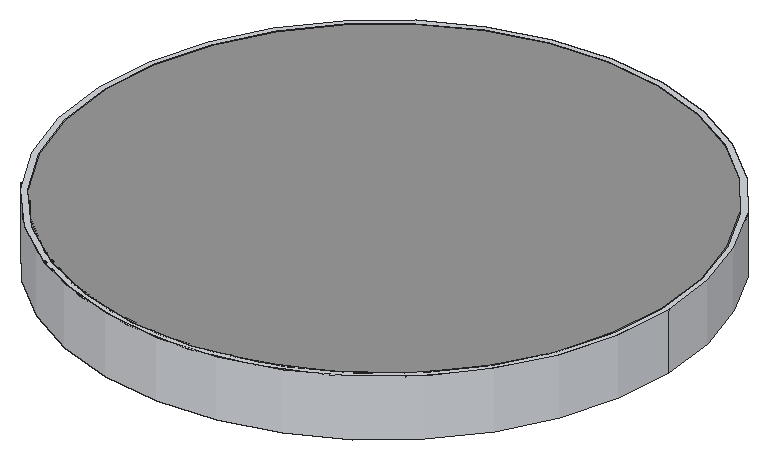
Revit family "2071166", category Lighting Fixtures, host Face, Revit 2018
Family settings
  Host = Face
  Round Connector Dimension = Use Diameter
  Part Type = Normal
  OmniClass Number = 23.80.70.00
  OmniClass Title = Lighting
  Cut with Voids When Loaded = No
  Light Source = Yes
  Shared = No
  Room Calculation Point = No
Parameters (values of type "2071166 COLOSSAL 600 830 OP DIR WHT SSC")
  iner diameter = 588 mm
  Weight = "n/a"
  Wattage Comments = ""
  Wattage = 30 W
  WarrantyStartDate [instance] = "n/a"
  WarrantyGuarantorParts = "n/a"
  WarrantyDurationUnit = "n/a"
  WarrantyDurationParts = ""
  WarrantyDescription = "http://www.sylvania-lighting.com"
  built-in parameter 1150110 = 1 (stored number, unit not read)
  Voltage = 230 V
  URL = "0.99"
  TypeName = "COLOSSAL 600mm 830 OPAL DIR WHITE SSC"
  Type Image = <None>
  Type Comments = "n/a"
  built-in parameter 1114217 = 1 (stored number, unit not read)
  Tilt Angle = -90.00°
  built-in parameter 1150109 = 1 (stored number, unit not read)
  built-in parameter 1150134 = (empty or 0)
  built-in parameter 1150113 = 1 (stored number, unit not read)
  SerialNumber [instance] = "n/a"
  Photometric Web File = "2071166.ies"
  Material_3_SYL = LED-Sylvania
  PowerFactor = 0
  PowerConsumption = "Lighting"
  NominalLength = 600 mm
  NominalHeight = 93 mm
  NominalDepth = 600 mm
  Name = "COLOSSAL 600mm 830 OPAL DIR WHITE SSC"
  ModelReference = Name  # "COLOSSAL 600mm 830 OPAL DIR WHITE SSC"
  ModelNumber = "2071166"
  Model = Name  # "COLOSSAL 600mm 830 OPAL DIR WHITE SSC"
  Material = "Feilo Sylvania"
  ManufacturerName = "127 lm/W"
  Manufacturer = ""
  LuminousEfficacy = ""
  built-in parameter 1150105 = 270.44 (stored number, unit not read)
  Lumens = 3398.4 lm
  LuminaireType = "0"
  built-in parameter 1150115 = 1 (stored number, unit not read)
  LightOutputRatio = "LED"
  built-in parameter 1150137 = (empty or 0)
  built-in parameter 1150139 = (empty or 0)
  LampsType = Lamp  # "n/a"
  LampNominalLuminous = "3000 K"
  LampMacAdamStep = "80"
  LampColourTemperature = "LED"
  LampColourRenderingIndex = "16500"
  built-in parameter 1150112 = 1 (stored number, unit not read)
  built-in parameter 1150114 = 1 (stored number, unit not read)
  Lamp = "n/a"
  Keynote = "n/a"
  InstallationDate [instance] = "n/a"
  InputVoltage = "0"
  InputNominalFrequency = "3000"
  built-in parameter 1150132 = (empty or 0)
  built-in parameter 1150102 = (empty or 0)
  built-in parameter 1150107 = 3000 (stored number, unit not read)
  built-in parameter 1150138 = (empty or 0)
  IngressProtection = "IfcLightFixtureType"
  ImpactProtectionIndex = "IfcLightFixtureType"
  built-in parameter 1150106 = 2.7044 (stored number, unit not read)
  IfcExportType = "IfcLightFixtureType"
  IfcExportAs = "Class I"
  Emit from Circle Diameter = 385 mm
  Emit Shape Visible in Rendering = no
  ElectricShockClassification = "127"
  built-in parameter 1150104 = 10.524 (stored number, unit not read)
  DocumentationLiterature = "http://www.sylvania-lighting.com/product/en-int/products/2071166"
  DimmingControlOptions = "n/a"
  Material_2_SYL = Polycarbonate_Sylvania_White
  Dimming Lamp Color Temperature Shift = <None>
  Description = "600mm diameter circular architectural luminaire, can be surface mounted or suspended. Powder coated aluminium housing (RAL9016) with polycarbonate opal diffuser. Direct light distribution, 5075lm luminuous flux, 40.1W system power, 127lm/W luminiaire efficacy. Sylsmart Standalone enabled. Colour rendering index Ra >80, 3000K Warm White LED, chromaticity tolerance of 3-step MacAdam ellipse. IP40, IK03. 450mA drive current. Electrical protection Class1, 220-240V. Reported lifetime 66k hours L90B10."
  Default Elevation = 1219.2 mm
  CreatedOn = "23/03/2022"
  CreatedBy = "@sylvania-lighting.com"
  Cost = 0
  Color Filter = 16777215
  built-in parameter 1114216 [instance] = (empty or 0)
  ClassificationValue = "EF_70_80"
  ClassificationName = "Uniclass2015"
  Material_1_SYL = Polycarbonate_Sylvania_Opal
  BarCode [instance] = "n/a"
  built-in parameter 1114218 = 1 (stored number, unit not read)
  built-in parameter 1150133 = 10 (stored number, unit not read)
  AssetType = "Fixed"
  AssetIdentifier [instance] = "n/a"
  Assembly Code = "D5020200"
  Apparent Load = 40.1 VA
  Material_4_SYL = none
Reference planes
  plane 1 "Center (Front/Back)": y = 0
  plane 2: z = 0
  plane 3 "Center (Left/Right)": x = 0
  plane 4: x = -300
  plane 5: x = 300
  plane 6: y = 300
  plane 7: y = -300
  plane 8: y = 212
  plane 9: y = -212
  plane 10: z = 93
  plane 11: y = 294
  plane 12: y = -294
  plane 13: through (0, 0, 1219.2) normal (0.5, -0.866, 0)
  plane 14: through (-134.29, 20.617, 1219.2) normal (0.5, -0.866, 0)
  plane 15: through (-144.685, -181.683, 1219.2) normal (-0.5, 0.866, 0)
  plane 16: through (0, 0, 1219.2) normal (0.5, 0.866, 0)
  plane 17: through (178.555, -4.939, 1219.2) normal (0.5, 0.866, 0)
  plane 18: through (87.581, -148.715, 1219.2) normal (0.5, 0.866, 0)
  plane 19: y = 272
  plane 20: through (105.168, 227.067, 1219.2) normal (0.866, 0.5, 0)
  plane 21: through (-104.171, 225.672, 1219.2) normal (0.8572, -0.515, 0)
  plane 22: y = -204.612
  plane 23: through (-296.643, -30.2, 1219.2) normal (0.866, 0.5, 0)
  plane 24: through (153.092, -278.837, 1219.2) normal (-0.866, 0.5, 0)
Forms (mm)
  Extrusion 1, solid, detail levels medium+fine
    sketch origin (0, 0, 0) x (1, 0, 0) y (0, 1, 0)
      loop
        circle (0, 0) r 300
    from 33.023 to 93
  Extrusion 2, void
    sketch origin (0, 0, 0) x (1, 0, 0) y (0, 1, 0)
      loop
        circle (0, 0) r 294
    from 93 to 37.292
  Extrusion 3, solid, material "Glass, White, High Luminance", detail levels fine
    sketch origin (0, 0, 0) x (1, 0, 0) y (0, 1, 0)
      loop
        circle (0, 0) r 294
    from 88.026 to 93
  Extrusion 4, solid, detail levels coarse
    sketch origin (0, 0, 0) x (1, 0, 0) y (0, 1, 0)
      loop
        line (-300, 300) -> (-300, -300) -> (300, -300) -> (300, 300) -> (-300, 300)
    from 0 to 93
  Blend 5, solid, detail levels medium+fine
    base sketch origin (0, 0, 0) x (1, 0, 0) y (0, 1, 0)
      loop
        line (-76.334, 272) -> (-277.665, -63.07) -> (-195.946, -204.612) -> (195.946, -204.612) -> (275.172, -67.388) -> (79.226, 272) -> (-76.334, 272)
    top sketch origin (0, 0, 0) x (1, 0, 0) y (0, 1, 0)
      loop
        line (-226.097, -32.388) -> (-141.097, -179.612) -> (141.097, -179.612) -> (226.097, -32.388) -> (85, 212) -> (-85, 212) -> (-226.097, -32.388)
    from 33.023 to 0
Cuts and joins
  Extrusion 2 cuts Extrusion 1
Lines and regions (mm)
  model lines
    curve 1: line (-85, 212, 0) -> (0, 212, 0)
    curve 2: line (0, 212, 0) -> (85, 212, 0)
Dimensions and locks
  "NominalDepth": plane 6 to plane 7
  "NominalLength": plane 4 to plane 5
  equal spacing: plane 4, plane 3 "Center (Left/Right)", plane 5
  "iner diameter": plane 11 to plane 12
  equal spacing: plane 11, plane 1 "Center (Front/Back)", plane 12
  equal spacing: plane 6, plane 1 "Center (Front/Back)", plane 7
  "NominalHeight": plane 10 to level
  radius of Extrusion 2 sketch curve = 294 mm
  aligned and locked: plane 2 to host face
  aligned and locked: level to host face
Automatic sketch dimensions
  host sketch curve to host sketch curve = 2438.4 mm  (x2)
  plane 1 "Center (Front/Back)" to Extrusion 1 sketch curve = 0 mm
  Extrusion 1 sketch curve to plane 3 "Center (Left/Right)" = 0 mm
  plane 1 "Center (Front/Back)" to Extrusion 2 sketch curve = 0 mm
  Extrusion 2 sketch curve to plane 3 "Center (Left/Right)" = 0 mm
  plane 1 "Center (Front/Back)" to Extrusion 3 sketch curve = 0 mm
  Extrusion 3 sketch curve to plane 3 "Center (Left/Right)" = 0 mm
  Extrusion 4 sketch curve to plane 4 = 0 mm
  Extrusion 4 sketch curve to plane 5 = 0 mm
  Extrusion 4 sketch curve to plane 7 = 0 mm
  Extrusion 4 sketch curve to plane 6 = 0 mm
  Blend 5 sketch curve to plane 8 = 0 mm
  Blend 5 sketch curve to plane 3 "Center (Left/Right)" = 85 mm
  plane 3 "Center (Left/Right)" to Blend 5 sketch curve = 85 mm
  plane 9 to Blend 5 sketch curve = 32.388 mm
  plane 3 "Center (Left/Right)" to Blend 5 sketch curve = 141.097 mm
  plane 1 "Center (Front/Back)" to Blend 5 sketch curve = 32.388 mm  (x2)
  Blend 5 sketch curve to plane 5 = 73.903 mm
  Blend 5 sketch curve to plane 3 "Center (Left/Right)" = 141.097 mm
  plane 4 to Blend 5 sketch curve = 73.903 mm
  curve 1 to plane 8 = 0 mm
  curve 2 to plane 3 "Center (Left/Right)" = 0 mm
  curve 1 to plane 3 "Center (Left/Right)" = 85 mm
  curve 1 to curve 2 = 85 mm
  Blend 5 sketch curve to plane 21 = 0 mm
  Blend 5 sketch curve to plane 23 = 0 mm  (x2)
  Blend 5 sketch curve to plane 22 = 0 mm
  Blend 5 sketch curve to plane 19 = 0 mm
  plane 21 to Blend 5 sketch curve = 0 mm
  Blend 5 sketch curve to plane 20 = 0 mm  (x2)
  Blend 5 sketch curve to plane 24 = 0 mm  (x2)
  radius of Extrusion 1 sketch curve = 300 mm
  radius of Extrusion 3 sketch curve = 294 mm
Connectors
  electrical at (0, 0, 0), driven by "Apparent Load", driven by "PowerFactor", driven by "Voltage"
    settings: index 1, voltage 230 V, apparent load 40.1 VA, apparent load phase1 0 VA, apparent load phase2 0 VA, apparent load phase3 0 VA, power factor 0, load classification "Lighting", number of poles 1, system type 30, power factor state 1, is connector primary yes, connector utility no, sub classification motor no, connector description ""
